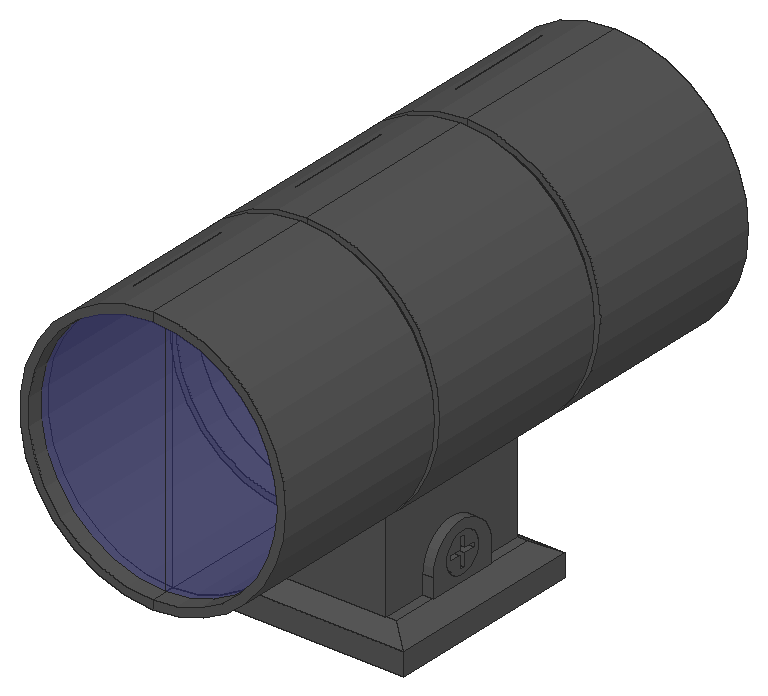
Revit family "CARLO CYLINDER LIGHT WALL MOUNT", category Lighting Fixtures, host Face, Revit 2020 (continued)
Types (10): name | Wattage_Input | Wattage Comments | Wattage | Photometric Web File | built-in parameter 1150142 | Model | built-in parameter 1150105 | Lumens | Light Length 1 | LIGHT RADIUS | LIGHT PLACEMENT | LIGHT LENGTH | LIGHT DIA | built-in parameter 1150106 | FIXED END HEIGHT | Curve base Height | Base Curve | BEAMING ANGLE | Apparent Load
    3.5 334.52 \r\n 316.06 298.05 280.93 265.29 250.67 236.5 223.72 213.38 204.6 196.87 \r\n 190.17 184.4 179.36 174.9 170.9 167.2 163.81 160.69 157.84 155.27 \r\n 152.93 150.81 148.84 147.02 145.18 143.11 140.99 139.25 136.93 133 \r\n 128.14 122.81 116.72 109.64 101.82 93.33 84.483 75.634 66.759 57.832 \r\n 49.203 41.305 33.87 26.453 20.013 15.534 12.487 10.895 10.088 9.3941 \r\n 8.8443 8.197 7.6005 7.1454 6.7631 6.4227 6.1012 5.7725 5.4145 4.9531 \r\n 4.5175 4.2515 4.0368 3.7912 3.5493 3.3141 3.0981 2.9165 2.7651 2.6556 \r\n 2.5559 2.4306 2.301 2.1761 2.0576 1.9562 1.8548 1.7298 1.6117 1.5332 \r\n 1.4648 1.385 1.3017 1.2115 1.1264 1.0628 1.0042 0.93763 0.86961 0.80104 \r\n 0.73596 0.67987 0.62926 0.58296 0.53953 0.49635 0.45565 0.41944 0.38573 0.35532 \r\n 0.32662 0.29796 0.27036 0.24425 0.21967 0.19661 0.17562 0.15764 0.14146 0.12639 \r\n 0.11186 0.096516 0.082074 0.07008 0.059679 0.050668 0.042638 0.034985 0.028089 0.022381 \r\n 0.017105 0.01125 0.0060204 0.0023423 0.000044 0 0 0 0 0 \r\n 0 0 0 0 0 0 0 0 0 0 \r\n 0 0 0 0 0 0 0 0 0 0 \r\n 0 0 0 0 0 0 0 0.0012836 0.0030037 0.0041965 \r\n 0.0064959 0.01145 0.018354 0.027704 0.037446 0.044357 0.052429 0.066338 0.080815 0.090229 \r\n 0.10035 0.11672 0.13435 0.1484 0.16401 0.1858 0.21044 0.23629 0.26283 0.28833 \r\n 0.31482 0.34399 0.37514 0.40777 0.44438 0.48953 0.53663 0.57882 0.6215 0.66611 \r\n 0.71758 0.78547 0.85734 0.92173 0.98523 1.0482 1.1179 1.2088 1.2996 1.3644 \r\n 1.4306 1.5222 1.6239 1.7293 1.835 1.929 2.0297 2.158 2.2936 2.4233 \r\n 2.5473 2.653 2.7657 2.9082 3.0742 3.2695 3.48 3.6924 3.9097 4.1317 \r\n 4.3541 4.5615 4.787 5.0614 5.3769 5.7164 6.1381 6.7183 7.3854 8.0891 \r\n 8.8409 9.3798 10.472 12.788 16.357 21.662 28.012 34.849 42.259 50.211 \r\n 58.49 66.912 75.356 83.623 91.769 99.91 107.67 114.83 121.09 125.93 \r\n 129.82 133.02 135.57 137.48 139.09 140.74 142.39 144.11 145.92 147.8 \r\n 149.84 152.12 154.6 157.24 160.07 163.05 166.34 170.05 174.23 178.88 \r\n 184.28 190.71 198.22 206.83 216.95 229.41 243.07 256.72 271.38 287.9 \r\n 305.5 323.69 342.41 361.46 380.79 400.23 420 440.38 460.95 481.29 \r\n 501.76 522.78 543.71 563.88 583.81 603.99 623.92 643.3 662.1 680.15 \r\n 697.67 714.83 731.59 748.06 763.9 778.84 792.84 805.64 817.6 829.08 \r\n 839.82 849.7 858.63 866.39 873.26 879.53 884.92 889.26 892.53 894.62 \r\n 896.17 \r\n892.81 893.21 890.52 886.63 882.12 877.69 872.7 866.68 859.85 852.5 \r\n 844 833.65 822.03 809.47 795.99 781.52 766.69 752.35 737.73 722.39 \r\n 706.19 688.6 670.32 651.9 633.24 614.56 595.38 574.94 554.24 534.31 \r\n 514.29 493.43 472.47 452.02 431.75 411.5 391.4 371.47 351.91 332.91 \r\n 314.47 296.44 279.43 264.29 250.12 235.78 222.75 212.51 203.93 196.36 \r\n 189.8 184.07 179.06 174.64 170.69 167.01 163.64 160.57 157.75 155.17 \r\n 152.81 150.71 148.76 146.91 145.04 142.94 140.78 139.01 136.66 132.72 \r\n 127.81 122.26 115.96 108.87 101.06 92.41 83.433 74.676 65.928 57.009 \r\n 48.37 40.481 33.107 25.906 19.669 15.199 12.123 10.586 9.8314 9.1205 \r\n 8.5378 7.8755 7.2712 6.8141 6.4421 6.1327 5.8569 5.588 5.2978 4.9164 \r\n 4.5429 4.2783 4.0474 3.8017 3.5631 3.334 3.1248 2.9481 2.799 2.6861 \r\n 2.581 2.4514 2.3181 2.1903 2.0701 1.9688 1.8675 1.7405 1.6199 1.539 \r\n 1.4679 1.3848 1.2978 1.2039 1.1152 1.0481 0.98722 0.92071 0.85347 0.78475 \r\n 0.71965 0.66449 0.61498 0.56897 0.52632 0.48637 0.44864 0.41238 0.37776 0.34563 \r\n 0.31569 0.28834 0.26229 0.2359 0.21056 0.18687 0.1655 0.14802 0.13236 0.11697 \r\n 0.10185 0.085764 0.070829 0.059361 0.049516 0.040006 0.031481 0.024076 0.018049 0.014139 \r\n 0.011036 0.0073584 0.0040544 0.0016076 0.000030 0 0 0 0 0 \r\n 0 0 0 0 0 0 0 0 0 0 \r\n 0 0 0 0 0 0 0 0 0 0 \r\n 0 0 0 0 0 0 0.000000 0.0026579 0.006141 0.008888 \r\n 0.012743 0.019512 0.027742 0.036757 0.04603 0.054116 0.0631 0.075687 0.088573 0.097693 \r\n 0.10802 0.12502 0.14317 0.15694 0.17188 0.19268 0.21644 0.24234 0.26892 0.29341 \r\n 0.31888 0.3481 0.37922 0.411 0.44679 0.4915 0.53924 0.58513 0.63115 0.67494 \r\n 0.72462 0.79139 0.86358 0.93288 1.0005 1.0603 1.1257 1.2157 1.3074 1.3771 \r\n 1.4469 1.5331 1.6291 1.737 1.8471 1.9454 2.0479 2.1699 2.2997 2.433 \r\n 2.5631 2.674 2.7901 2.9322 3.0948 3.2827 3.4853 3.6918 3.9074 4.1388 \r\n 4.3706 4.5795 4.7958 5.0433 5.3182 5.6014 5.9628 6.4889 7.1116 7.7976 \r\n 8.5296 9.0644 10.047 11.972 15.049 19.845 25.794 32.567 40.029 47.999 \r\n 56.275 64.594 72.951 81.268 89.504 97.692 105.52 112.83 119.23 124.02 \r\n 127.96 131.74 134.88 136.86 138.41 140.12 141.84 143.57 145.36 147.26 \r\n 149.31 151.57 154.01 156.61 159.4 162.33 165.56 169.19 173.29 177.87 \r\n 183.16 189.38 196.65 205.08 214.94 226.73 239.82 253.59 268.52 285.05 \r\n 302.59 320.76 339.45 358.42 377.74 397.35 417.27 437.59 458.1 478.6 \r\n 499.24 520.25 541.16 561.41 581.47 601.84 621.93 641.29 660.06 678.16 \r\n 695.76 713.01 729.85 746.37 762.3 777.46 791.69 804.65 816.68 828.03 \r\n 838.65 848.65 857.75 865.57 872.48 878.83 884.31 888.68 892.02 894.31 \r\n 896.17 \r\n892.81 893.33 890.62 886.64 882.01 877.5 872.45 866.35 859.46 852.08 \r\n 843.59 833.24 821.64 809.16 795.71 780.99 765.91 751.58 737.03 721.7 \r\n 705.49 687.89 669.59 651.16 632.45 613.59 594.27 573.95 553.37 533.29 \r\n 513.1 492.25 471.31 450.75 430.37 410.08 389.96 369.99 350.38 331.35 \r\n 312.9 294.86 277.96 263.28 249.53 235.11 221.92 211.76 203.32 195.89 \r\n 189.44 183.75 178.75 174.39 170.48 166.82 163.47 160.44 157.66 155.06 \r\n 152.68 150.59 148.66 146.79 144.88 142.76 140.58 138.77 136.38 132.43 \r\n 127.47 121.73 115.24 108.13 100.31 91.528 82.455 73.799 65.182 56.283 \r\n 47.642 39.752 32.429 25.454 19.431 14.957 11.829 10.326 9.6052 8.8736 \r\n 8.2592 7.5833 6.9723 6.5109 6.1453 5.8616 5.6254 5.4077 5.1784 4.8756 \r\n 4.5646 4.2999 4.052 3.807 3.5728 3.3499 3.1469 2.9752 2.8281 2.7111 \r\n 2.6003 2.4673 2.3314 2.2017 2.0802 1.9784 1.8769 1.7495 1.6277 1.5439 \r\n 1.4693 1.3832 1.2934 1.1965 1.1048 1.0342 0.97054 0.90405 0.83768 0.76913 \r\n 0.70439 0.6504 0.60206 0.55614 0.51399 0.4769 0.44187 0.40566 0.37024 0.33633 \r\n 0.30506 0.27894 0.25445 0.2281 0.20227 0.1778 0.1558 0.13864 0.12338 0.10769 \r\n 0.092065 0.075454 0.060199 0.049166 0.039731 0.029693 0.020655 0.013427 0.0081855 0.0060092 \r\n 0.0050101 0.003407 0.0019579 0.00079628 0.000014 0 0 0 0 0 \r\n 0 0 0 0 0 0 0 0 0 0 \r\n 0 0 0 0 0 0 0 0 0 0 \r\n 0 0 0 0 0 0 0.000000 0.0041008 0.0094095 0.013711 \r\n 0.019074 0.02755 0.036977 0.045558 0.05426 0.063365 0.073131 0.084361 0.095691 0.10469 \r\n 0.11536 0.13276 0.15122 0.16494 0.17947 0.19915 0.22184 0.24762 0.27418 0.29803 \r\n 0.32285 0.3521 0.38312 0.41409 0.4491 0.49332 0.54162 0.59105 0.64028 0.68333 \r\n 0.73126 0.79677 0.86907 0.9429 1.0143 1.0714 1.1329 1.2215 1.3139 1.3886 \r\n 1.4621 1.5429 1.6332 1.7429 1.8572 1.9597 2.0642 2.18 2.304 2.4406 \r\n 2.5766 2.6925 2.8117 2.9528 3.1113 3.2915 3.4863 3.6879 3.9029 4.1434 \r\n 4.3842 4.5945 4.8028 5.0274 5.268 5.5041 5.8145 6.2922 6.8741 7.5401 \r\n 8.2538 8.8008 9.6949 11.249 13.852 18.14 23.684 30.392 37.897 45.855 \r\n 54.1 62.322 70.609 78.994 87.331 95.567 103.45 110.87 117.38 122.16 \r\n 126.21 130.56 134.25 136.29 137.77 139.55 141.33 143.07 144.86 146.77 \r\n 148.83 151.07 153.48 156.04 158.78 161.67 164.85 168.42 172.44 176.95 \r\n 182.14 188.16 195.19 203.47 213.08 224.24 236.8 250.67 265.83 282.38 \r\n 299.89 318.03 336.69 355.58 374.86 394.64 414.74 435.01 455.48 476.13 \r\n 496.93 517.93 538.82 559.14 579.32 599.84 620.07 639.43 658.18 676.34 \r\n 694.01 711.32 728.23 744.81 760.84 776.22 790.67 803.78 815.87 827.1 \r\n 837.6 847.69 856.92 864.8 871.76 878.18 883.72 888.14 891.55 894.01 \r\n 896.17 \r\n892.81 893.4 890.68 886.62 881.89 877.32 872.21 866.02 859.05 851.64 \r\n 843.14 832.81 821.23 808.81 795.35 780.43 765.14 750.79 736.28 720.93 \r\n 704.7 687.08 668.75 650.3 631.53 612.5 593.03 572.82 552.34 532.14 \r\n 511.8 490.94 470 449.35 428.87 408.56 388.43 368.41 348.75 329.7 \r\n 311.24 293.2 276.39 262.09 248.69 234.31 221.08 211 202.66 195.35 \r\n 189.02 183.36 178.39 174.06 170.19 166.56 163.23 160.25 157.5 154.89 \r\n 152.5 150.43 148.51 146.61 144.68 142.54 140.35 138.51 136.09 132.09 \r\n 127.06 121.17 114.53 107.36 99.512 90.649 81.531 72.968 64.466 55.605 \r\n 46.98 39.086 31.808 25.057 19.247 14.776 11.603 10.125 9.4278 8.6764 \r\n 8.0342 7.3485 6.7332 6.2669 5.9038 5.637 5.4282 5.246 5.0621 4.8275 \r\n 4.5727 4.3075 4.0444 3.8013 3.5723 3.355 3.1578 2.9908 2.846 2.7251 \r\n 2.6092 2.474 2.3369 2.2067 2.085 1.9823 1.8801 1.7539 1.6326 1.5462 \r\n 1.4682 1.3796 1.2877 1.1893 1.096 1.0222 0.95583 0.88938 0.82395 0.75601 \r\n 0.69204 0.63927 0.59199 0.54628 0.50405 0.46897 0.43588 0.39982 0.3638 0.32835 \r\n 0.29591 0.27085 0.24777 0.22173 0.19573 0.17053 0.14784 0.13081 0.11578 0.099787 \r\n 0.083809 0.067096 0.051875 0.041108 0.031839 0.021355 0.011889 0.0046976 0 0 \r\n 0 0 0 0 0 0 0 0 0 0 \r\n 0 0 0 0 0 0 0 0 0 0 \r\n 0 0 0 0 0 0 0 0 0 0 \r\n 0 0 0 0 0 0 0.0001225 0.0053843 0.012144 0.0177 \r\n 0.024252 0.034 0.044244 0.052278 0.060318 0.070088 0.080354 0.09036 0.10039 0.10951 \r\n 0.12062 0.1381 0.15658 0.17042 0.18479 0.20341 0.22501 0.25046 0.27692 0.30051 \r\n 0.32513 0.35443 0.38528 0.41548 0.4497 0.49338 0.542 0.59423 0.64601 0.68834 \r\n 0.73473 0.799 0.87116 0.94852 1.023 1.0777 1.136 1.2233 1.316 1.3952 \r\n 1.4719 1.5479 1.6329 1.7438 1.8611 1.9674 2.0737 2.184 2.3027 2.442 \r\n 2.5828 2.7024 2.8238 2.9629 3.1171 3.2902 3.4784 3.6769 3.8922 4.14 \r\n 4.3881 4.6003 4.8038 5.0127 5.229 5.4311 5.7032 6.1415 6.6889 7.3366 \r\n 8.0356 8.6059 9.4321 10.655 12.826 16.646 21.811 28.444 35.964 43.868 \r\n 52.049 60.187 68.429 76.897 85.343 93.62 101.55 109.05 115.66 120.51 \r\n 124.72 129.57 133.72 135.81 137.24 139.09 140.93 142.67 144.45 146.38 \r\n 148.45 150.67 153.05 155.58 158.28 161.14 164.28 167.79 171.75 176.2 \r\n 181.3 187.14 193.97 202.09 211.48 222.14 234.27 248.18 263.5 280.05 \r\n 297.55 315.68 334.32 353.13 372.37 392.31 412.57 432.84 453.3 474.07 \r\n 494.98 515.98 536.85 557.24 577.52 598.15 618.48 637.89 656.66 674.87 \r\n 692.58 709.93 726.89 743.53 759.66 775.23 789.87 803.1 815.25 826.38 \r\n 836.77 846.91 856.22 864.15 871.16 877.62 883.2 887.66 891.14 893.75 \r\n 896.17 \r\n892.81 893.11 890.33 886.28 881.57 876.99 871.82 865.51 858.41 850.92 \r\n 842.37 832.05 820.44 807.77 794.07 779.19 763.97 749.54 734.89 719.44 \r\n 703.09 685.36 666.94 648.42 629.57 610.4 590.82 570.54 550.05 529.88 \r\n 509.55 488.58 467.53 446.82 426.31 406.02 385.9 365.84 346.14 327.05 \r\n 308.6 290.64 273.91 259.52 246.13 232.2 219.48 209.61 201.39 194.18 \r\n 187.93 182.37 177.49 173.23 169.41 165.84 162.58 159.63 156.93 154.38 \r\n 152.04 149.99 148.07 146.15 144.2 142.1 139.95 138.14 135.65 131.37 \r\n 126.06 120.2 113.62 106.26 98.25 89.509 80.553 71.981 63.458 54.679 \r\n 46.153 38.299 31.081 24.491 18.863 14.538 11.484 10.086 9.4372 8.6921 \r\n 8.0432 7.3696 6.7664 6.3043 5.9359 5.6473 5.4082 5.1875 4.9736 4.742 \r\n 4.4994 4.2373 3.9769 3.74 3.5172 3.3024 3.1074 2.9455 2.8054 2.6855 \r\n 2.57 2.4368 2.3029 2.1791 2.0626 1.9581 1.8541 1.7332 1.6181 1.5336 \r\n 1.4561 1.3672 1.2759 1.1829 1.0948 1.021 0.9538 0.88827 0.82438 0.75862 \r\n 0.69655 0.6442 0.59673 0.55047 0.50784 0.47154 0.43703 0.39946 0.36238 0.32738 \r\n 0.29545 0.27072 0.24806 0.22293 0.19775 0.17281 0.15004 0.13265 0.11721 0.10087 \r\n 0.085154 0.070618 0.057372 0.045981 0.035643 0.025447 0.016281 0.0083704 0.002791 0.0017212 \r\n 0.002078 0.00099443 0 0 0 0 0 0 0 0 \r\n 0 0 0 0 0 0 0 0 0 0 \r\n 0 0 0 0 0 0 0 0 0 0 \r\n 0 0 0 0 0 0 0.00010354 0.0045821 0.010256 0.014661 \r\n 0.019924 0.028168 0.036945 0.043865 0.050868 0.059306 0.068549 0.078455 0.088915 0.099164 \r\n 0.11103 0.12726 0.14432 0.15828 0.1731 0.19179 0.21315 0.23749 0.26315 0.28777 \r\n 0.31366 0.3432 0.3738 0.40296 0.43598 0.47916 0.52712 0.57758 0.62749 0.66865 \r\n 0.71426 0.77848 0.85026 0.92535 0.99743 1.0512 1.1093 1.197 1.2902 1.3693 \r\n 1.4456 1.52 1.6033 1.7135 1.8303 1.9354 2.0403 2.1492 2.2667 2.4056 \r\n 2.5451 2.6607 2.777 2.9112 3.0618 3.2353 3.4255 3.6273 3.8447 4.0876 \r\n 4.3326 4.5525 4.7681 4.9917 5.2219 5.4332 5.7092 6.1406 6.6808 7.3345 \r\n 8.0395 8.6303 9.4221 10.454 12.389 16.01 20.996 27.5 34.886 42.559 \r\n 50.555 58.698 67.026 75.618 84.179 92.465 100.4 107.96 114.74 120.02 \r\n 124.64 129.53 133.63 135.75 137.2 139.09 140.96 142.69 144.45 146.39 \r\n 148.46 150.69 153.07 155.57 158.26 161.16 164.34 167.85 171.79 176.2 \r\n 181.25 187.03 193.79 201.75 211.03 221.93 234.23 247.77 262.66 279.15 \r\n 296.7 314.93 333.64 352.38 371.54 391.5 411.88 432.4 453.06 473.72 \r\n 494.48 515.58 536.58 556.96 577.2 597.81 618.19 637.88 656.91 675.05 \r\n 692.62 709.87 726.79 743.59 759.88 775.45 790.05 803.25 815.38 826.58 \r\n 837 846.93 856.03 864 871.08 877.47 882.98 887.46 891.01 893.66 \r\n 896.17 \r\n892.81 892.78 889.94 885.92 881.25 876.65 871.42 864.99 857.75 850.17 \r\n 841.55 831.25 819.6 806.64 792.69 777.89 762.79 748.24 733.42 717.83 \r\n 701.37 683.52 664.98 646.37 627.44 608.15 588.45 568.09 547.55 527.44 \r\n 507.15 486.06 464.86 444.11 423.6 403.33 383.23 363.14 343.4 324.28 \r\n 305.84 287.97 271.3 256.73 243.29 229.9 217.8 208.16 200.04 192.92 \r\n 186.74 181.29 176.51 172.31 168.55 165.05 161.84 158.94 156.28 153.8 \r\n 151.53 149.49 147.57 145.63 143.67 141.62 139.51 137.73 135.2 130.59 \r\n 124.99 119.2 112.72 105.15 96.96 88.377 79.618 71.022 62.458 53.776 \r\n 45.368 37.56 30.4 23.952 18.492 14.33 11.417 10.101 9.4949 8.7596 \r\n 8.1088 7.4509 6.8618 6.4038 6.0269 5.7089 5.4285 5.1542 4.8943 4.6514 \r\n 4.4112 4.1524 3.8981 3.6682 3.4516 3.2387 3.0451 2.8884 2.7535 2.6353 \r\n 2.5212 2.3909 2.2614 2.1451 2.0348 1.9281 1.8221 1.7077 1.6001 1.5181 \r\n 1.4416 1.353 1.2632 1.1767 1.0949 1.022 0.95427 0.88962 0.82714 0.76381 \r\n 0.70389 0.65188 0.60402 0.55743 0.51399 0.47586 0.43935 0.40023 0.36228 0.32811 \r\n 0.29698 0.27235 0.24983 0.22569 0.20155 0.17707 0.15439 0.13653 0.12056 0.10386 \r\n 0.088519 0.076485 0.065492 0.053356 0.041784 0.032006 0.023263 0.014535 0.0078338 0.006061 \r\n 0.0055262 0.0026189 0 0 0 0 0 0 0 0 \r\n 0 0 0 0 0 0 0 0 0 0 \r\n 0 0 0 0 0 0 0 0 0 0 \r\n 0 0 0 0 0 0 0.000076 0.003415 0.0075698 0.010514 \r\n 0.014176 0.02047 0.027412 0.03321 0.039201 0.046 0.053979 0.064002 0.075194 0.086691 \r\n 0.099318 0.1141 0.12957 0.14376 0.15918 0.17808 0.19927 0.22243 0.24724 0.27315 \r\n 0.30058 0.33038 0.36072 0.3889 0.42077 0.46336 0.51033 0.55813 0.60539 0.6455 \r\n 0.69065 0.75487 0.826 0.89778 0.96664 1.0201 1.0786 1.1668 1.2601 1.3385 \r\n 1.4137 1.4874 1.5698 1.6785 1.7935 1.8967 2.0001 2.1085 2.2254 2.3629 \r\n 2.4999 2.6101 2.7205 2.8489 2.996 3.1711 3.365 3.5715 3.7914 4.0272 \r\n 4.2671 4.4952 4.7263 4.9723 5.2263 5.4587 5.7502 6.1836 6.7237 7.3862 \r\n 8.1006 8.7154 9.4888 10.378 12.135 15.614 20.46 26.816 34.033 41.446 \r\n 49.236 57.396 65.829 74.541 83.209 91.503 99.444 107.07 114.01 119.77 \r\n 124.81 129.68 133.64 135.77 137.28 139.19 141.08 142.81 144.56 146.49 \r\n 148.56 150.8 153.19 155.67 158.35 161.3 164.53 168.06 171.99 176.37 \r\n 181.37 187.14 193.87 201.66 210.87 222.13 234.69 247.81 262.2 278.61 \r\n 296.23 314.57 333.37 352.05 371.14 391.11 411.58 432.38 453.27 473.78 \r\n 494.37 515.57 536.69 557.06 577.26 597.8 618.19 638.19 657.5 675.58 \r\n 692.99 710.12 726.98 743.91 760.35 775.89 790.41 803.55 815.66 826.98 \r\n 837.46 847.14 855.98 863.97 871.11 877.41 882.82 887.34 890.95 893.62 \r\n 896.17 \r\n892.81 892.46 889.55 885.57 880.95 876.32 871.03 864.48 857.12 849.43 \r\n 840.72 830.42 818.74 805.5 791.29 776.6 761.62 746.93 731.91 716.19 \r\n 699.6 681.62 662.97 644.26 625.23 605.84 586.03 565.56 544.96 524.91 \r\n 504.68 483.45 462.1 441.33 420.84 400.59 380.51 360.4 340.63 321.5 \r\n 303.06 285.29 268.67 253.87 240.34 227.54 216.09 206.68 198.66 191.62 \r\n 185.51 180.17 175.49 171.35 167.65 164.21 161.07 158.21 155.6 153.19 \r\n 150.98 148.96 147.02 145.08 143.12 141.11 139.06 137.32 134.73 129.8 \r\n 123.9 118.21 111.86 104.09 95.709 87.291 78.737 70.11 61.498 52.922 \r\n 44.644 36.886 29.781 23.457 18.145 14.154 11.39 10.149 9.5816 8.858 \r\n 8.2084 7.5671 6.992 6.537 6.1495 5.7991 5.473 5.1382 4.8244 4.5612 \r\n 4.3164 4.0611 3.8152 3.5923 3.3816 3.17 2.9775 2.8259 2.6963 2.5805 \r\n 2.4683 2.3415 2.2167 2.1084 2.0044 1.8955 1.7872 1.6799 1.5804 1.5013 \r\n 1.426 1.3381 1.2501 1.1705 1.0954 1.0239 0.95607 0.8921 0.83073 0.76987 \r\n 0.71216 0.66042 0.61211 0.56521 0.52097 0.48078 0.4421 0.40163 0.3631 0.32999 \r\n 0.2998 0.27508 0.25247 0.22
